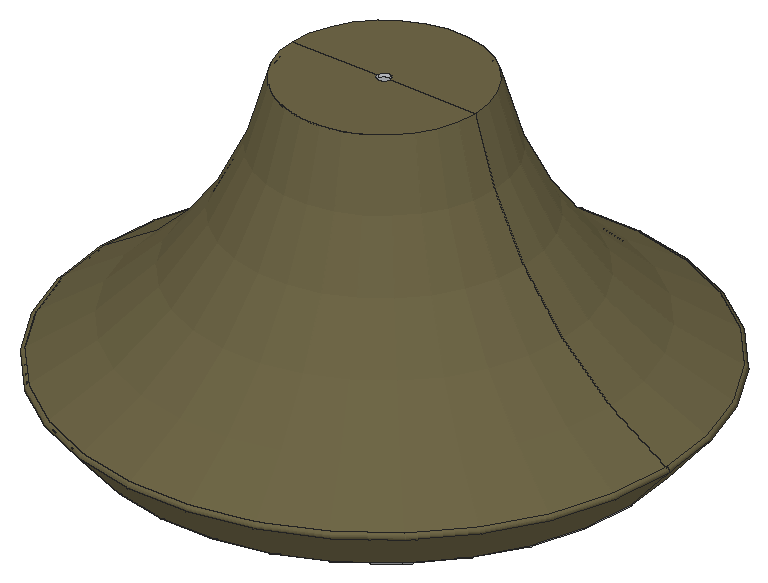
Revit family "PES SHADE", category Lighting Fixtures, Revit 2024
Family settings
  Round Connector Dimension = Use Diameter
  Part Type = Normal
  OmniClass Number = 23.80.70.00
  OmniClass Title = Lighting
  Work Plane-Based = No
  Always vertical = Yes
  Cut with Voids When Loaded = No
  Light Source = Yes
  Maintain Annotation Orientation = No
  Shared = No
  Room Calculation Point = No
Parameters
  Wattage = 12.1178 W
  built-in parameter 1150110 = 1 (stored number, unit not read)
  built-in parameter 1114217 = 1 (stored number, unit not read)
  built-in parameter 1150109 = 1 (stored number, unit not read)
  built-in parameter 1150134 = (empty or 0)
  built-in parameter 1150113 = 1 (stored number, unit not read)
  Lumens = 1800 lm
  built-in parameter 1150115 = 1 (stored number, unit not read)
  built-in parameter 1150105 = 572.96 (stored number, unit not read)
  Light Source Symbol Size = 2' - 0"
  built-in parameter 1150137 = (empty or 0)
  built-in parameter 1150139 = (empty or 0)
  built-in parameter 1150112 = 1 (stored number, unit not read)
  built-in parameter 1150114 = 1 (stored number, unit not read)
  built-in parameter 1150132 = 2
  built-in parameter 1150102 = (empty or 0)
  built-in parameter 1150138 = (empty or 0)
  built-in parameter 1150107 = 3000 (stored number, unit not read)
  built-in parameter 1150106 = 5.7296 (stored number, unit not read)
  built-in parameter 1150104 = 13.8 (stored number, unit not read)
  Dimming Lamp Color Temperature Shift = (empty or 0)
  Default Elevation = 0' - 0"
  Color Filter = 16777215
  built-in parameter 1114218 = 1 (stored number, unit not read)
  built-in parameter 1150133 = 10 (stored number, unit not read)
Reference planes (in)
  plane 1 "Light Source Axis (F/B)": y = 0
  plane 2: z = 0
  plane 3 "Light Source Axis (L/R)": x = 0
  plane 4 "Light Source Elevation": z = 84
Forms (in)
  Revolve 1, solid
    sketch origin (0, 0, 0) x (1, 0, 0) y (0, 0, 1)
      loop
        line (-0.25, 95.75) -> (-3.625, 95.75)
        arc (-3.625, 95.75) -> (-6.23572, 89.94723) -> (-11.125, 85.875) r 14.15061
        arc (-11.125, 85.875) -> (-11.23895, 85.80139) -> (-11.21869, 85.66725) r 0.125
        line (-11.21869, 85.66725) -> (-9.78572, 84.04495)
        arc (-9.78572, 84.04495) -> (-9.74247, 84.01186) -> (-9.68932, 84) r 0.12664
        line (-9.68932, 84) -> (-2.93932, 84) -> (-2.93932, 84.25) -> (-9.84175, 84.25) -> (-11.14842, 85.72931)
        arc (-11.14842, 85.72931) -> (-11.14947, 85.76943) -> (-11.11016, 85.7775) r 0.03125
        arc (-11.11016, 85.7775) -> (-6.19372, 89.84769) -> (-3.54825, 95.65625) r 14.24436
        line (-3.54825, 95.65625) -> (-0.25, 95.65625) -> (-0.25, 95.75)
      axis (0, 95.75) -> (0, 84)
    angle from 0 to 360
Dimensions and locks (in)
  aligned and locked: plane 3 "Light Source Axis (L/R)" to imposter light
  aligned and locked: plane 1 "Light Source Axis (F/B)" to imposter light
  aligned and locked: plane 4 "Light Source Elevation" to imposter light
  aligned and locked: level to plane 2
